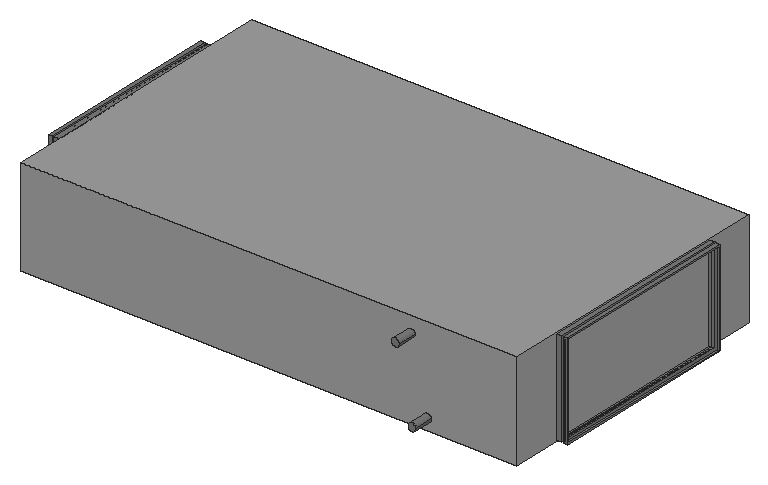
Revit family "BIMLIB_ПриточнаяУстановка_Eco-Slim1100-W_SHUFT", category Оборудование, Revit 2017
Family settings
  Размер круглого соединителя = Использовать диаметр
  Тип детали = Нормальный
  На основе рабочей плоскости = Нет
  Всегда вертикально = Да
  При загрузке вырезать с полостями = Нет
  Общий = Нет
  Точка расчета площади = Нет
Parameters (values of type "Eco-Slim 1100-W 17,0 кВт")
  Повернуть УГО [instance] = yes
  Описание = "Приточная установка ECO-SLIM выпускается в двух модификациях: или с водным нагреваем (модель 1100) или с электрическим нагревателем. В обеих модификациях воздушный клапан размещен снаружи корпуса, что улучшает его ремонтопригодность и позволяет выносить клапан с приводом к месту забора наружного воздуха. Установка обладает компактными габаритами и низким уровнем шума, что значительно упрощает выбор его размещения в квартире"  # constant formula
  Изготовитель = "ООО «Завод ВКО» марка SHUFT"  # constant formula
  Диаметр_патрубков = 20 mm
  Высота коннекторов = ADSK_Размер_Высота / 2  # 127.5 mm
  Watermark [instance] = "Модели защищены уникальным кодом"
  W3 = 500 mm  # constant formula
  URL = "http://www.shuft.ru/"
  SH_Мощность вентилятора = 290 W
  L2 = 1300 mm  # constant formula
  H1 = 250 mm  # constant formula
  D = 160 mm
  BL_Разработано = "support@bimlib.pro"  # constant formula
  BL_Email = "bimmodels@rusklimat.ru"  # constant formula
  BL_BIM library = "https://bimlib.pro/manufacturer/company/23829"
  ADSK_Частота вращения вентилятора = 2250  # constant formula
  ADSK_Ток = 1.25 A
  ADSK_Тип воздушного фильтра = "G4"  # constant formula
  ADSK_Расход теплоносителя [instance] = 0.0 L/s
  ADSK_Расход воздуха приточный [instance] = 0.0 L/s
  ADSK_Размер_Ширина = 760 mm  # constant formula
  ADSK_Размер_Длина = 1370 mm  # constant formula
  ADSK_Размер_Высота = 255 mm  # constant formula
  ADSK_Примечание [instance] = ""
  ADSK_Полная мощность = ADSK_Номинальная мощность / ADSK_Коэффициент мощности  # 17000 VA
  ADSK_Позиция = ""
  ADSK_Обозначение = ""
  ADSK_Номинальная мощность = 17000 W
  ADSK_Напряжение = 230 V
  ADSK_Наименование = "Приточная вентиляционная установка Eco-Slim 1100-W 17,0 кВт"
  ADSK_Материал = BIMLIB_Сталь_SHUFT
  ADSK_Масса_Текст = "74"
  ADSK_Масса = 74
  ADSK_Марка = ADSK_Код изделия  # "Eco-Slim 1100-W 17,0 кВт"
  ADSK_Коэффициент мощности = 1
  ADSK_Количество фаз = 1
  ADSK_Код изделия = "Eco-Slim 1100-W 17,0 кВт"
  ADSK_Классификация нагрузок = Прочее
  ADSK_Завод-изготовитель = Изготовитель  # "ООО «Завод ВКО» марка SHUFT"
  ADSK_Единица измерения = "шт."  # constant formula
  ADSK_Версия семейства = "v.1"  # constant formula
  ADSK_Версия Revit = "2017"  # constant formula
  ADSK_URL страницы изделия = "http://www.shuft.ru/catalog/2/205/3032/1008508822/"
  ADSK_URL документации изделия = "http://www.shuft.ru/upload/downloads/passport-ECO-Slim.pdf"
Reference planes
  plane 1 "По центру (Вперед/Назад)": y = 0
  plane 2: z = 0
  plane 3 "По центру (Влево/Вправо)": x = 0
  plane 4: x = 685
  plane 5: x = -685
  plane 6 "Перед": y = -380
  plane 7 "Зад": y = 380
  plane 8: z = 255
  plane 9 "Лево корпус": x = -650
  plane 10 "Право корпус": x = 650
  plane 11: z = 127.5
  plane 12: z = 230
  plane 13: y = -430
Forms (mm)
  Extrusion 1, solid, material "BIMLIB_Сталь_SHUFT" <- "ADSK_Материал", detail levels medium+fine
    sketch origin (0, 0, 0) x (1, 0, 0) y (0, 1, 0)
      loop
        line (-650, 380) -> (-650, -380) -> (650, -380) -> (650, 380) -> (-650, 380)
    from 0 to 255 <- "ADSK_Размер_Высота"
  Sweep 2, solid, material "BIMLIB_Сталь_Патрубки_SHUFT", detail levels medium+fine
    path origin (650, 0, 0) x (0, 1, 0) y (0, 0, 1)
      loop
        line (-250, 252.5) -> (-250, 2.5) -> (250, 2.5) -> (250, 252.5) -> (-250, 252.5)
    profile origin (650, 0, 252.5) x (0, 0, -1) y (-1, 0, 0)
      loop
        line (2, -30) -> (2, -22) -> (7, -22) -> (7, -13) -> (2, -13) -> (2, 0) -> (0, 0) -> (0, -15) -> (5, -15) -> (5, -20) -> (0, -20) -> (0, -30) -> (2, -30)
  Sweep 3, solid, material "BIMLIB_Сталь_Патрубки_SHUFT", detail levels medium+fine
    path origin (-650, 0, 0) x (0, 1, 0) y (0, 0, 1)
      loop
        line (-250, 252.5) -> (-250, 2.5) -> (250, 2.5) -> (250, 252.5) -> (-250, 252.5)
    profile origin (-650, 0, 252.5) x (0, 0, 1) y (1, 0, 0)
      loop
        line (-2, -30) -> (0, -30) -> (0, -20) -> (-5, -20) -> (-5, -15) -> (0, -15) -> (0, 0) -> (-2, 0) -> (-2, -13) -> (-7, -13) -> (-7, -22) -> (-2, -22) -> (-2, -30)
  Extrusion 4, solid, material "BIMLIB_Сталь_Патрубки_SHUFT", detail levels medium+fine
    sketch origin (0, 0, -56.25) x (1, 0, 0) y (0, 0, 1)
      loop
        circle (417, 86.25) r 10
      loop
        circle (374, 270.25) r 10
    from 380 to 430
Lines and regions (mm)
  model lines, detail levels fine
    curve 1: line (-650, 380, 230) -> (650, 380, 230)
    curve 2: line (-650, -380, 230) -> (650, -380, 230)
    curve 3: line (-650, -380, 230) -> (-650, 380, 230)
    curve 4: line (650, -380, 230) -> (650, 380, 230)
Dimensions and locks
  equal spacing: plane 6 "Перед", plane 1 "По центру (Вперед/Назад)", plane 7 "Зад"
  equal spacing: plane 5, plane 3 "По центру (Влево/Вправо)", plane 4
  "ADSK_Размер_Длина": plane 5 to plane 4
  "ADSK_Размер_Высота": plane 8 to level
  "ADSK_Размер_Ширина": plane 6 "Перед" to plane 7 "Зад"
  "Высота коннекторов": plane 11 to level
  locked: plane 8 to plane 12 at 25
  equal spacing: plane 9 "Лево корпус", plane 3 "По центру (Влево/Вправо)", plane 10 "Право корпус"
  "L2": plane 9 "Лево корпус" to plane 10 "Право корпус"
  equal spacing: Sweep 2 sketch curve, plane 1 "По центру (Вперед/Назад)", Sweep 2 sketch curve
  equal spacing: Sweep 2 sketch curve, plane 11, Sweep 2 sketch curve
  "H1": Sweep 2 sketch curve to Sweep 2 sketch curve
  "W3": Sweep 2 sketch curve to Sweep 2 sketch curve
  Sweep 3 sketch curve to Sweep 3 sketch curve = 500 mm
  Sweep 3 sketch curve to Sweep 3 sketch curve = 250 mm
  "H1": Sweep 3 sketch curve to Sweep 3 sketch curve
  "W3": Sweep 3 sketch curve to Sweep 3 sketch curve
  locked: plane 6 "Перед" to plane 13 at 50
  "Диаметр_патрубков": diameter of Extrusion 4 sketch curve  (x2)
  aligned and locked: level to plane 2
  aligned and locked: Extrusion 1 sketch curve to plane 9 "Лево корпус"
  aligned and locked: Extrusion 1 sketch curve to plane 7 "Зад"
  aligned and locked: Extrusion 1 sketch curve to plane 10 "Право корпус"
  aligned and locked: Extrusion 1 sketch curve to plane 6 "Перед"
  aligned and locked: plane 1 "По центру (Вперед/Назад)" to nested 1
  aligned and locked: plane 3 "По центру (Влево/Вправо)" to nested 1
  aligned and locked: plane 6 "Перед" to Extrusion 4
  aligned and locked: Extrusion 4 to plane 13
Automatic sketch dimensions
  curve 1 to plane 9 "Лево корпус" = 0 mm
  plane 10 "Право корпус" to curve 1 = 0 mm
  curve 1 to plane 12 = 0 mm
  plane 10 "Право корпус" to curve 2 = 0 mm
  curve 2 to plane 9 "Лево корпус" = 0 mm
  curve 2 to plane 12 = 0 mm
  curve 3 to plane 6 "Перед" = 0 mm
  curve 3 to plane 7 "Зад" = 0 mm
  curve 3 to plane 12 = 0 mm
  curve 4 to plane 6 "Перед" = 0 mm
  curve 4 to plane 7 "Зад" = 0 mm
  curve 4 to plane 12 = 0 mm
  plane 10 "Право корпус" to Sweep 2 sketch curve = 0 mm
  Sweep 2 sketch curve to profile plane = 0 mm  (x2)
  Sweep 2 sketch curve to profile plane = 2 mm  (x2)
  Sweep 2 sketch curve to Sweep 2 sketch curve = 3 mm
  Sweep 2 sketch curve to Sweep 2 sketch curve = 2 mm  (x3)
  Sweep 2 sketch curve to plane 10 "Право корпус" = 13 mm
  Sweep 2 sketch curve to Sweep 2 sketch curve = 5 mm
  Sweep 2 sketch curve to Sweep 2 sketch curve = 8 mm
  Sweep 3 sketch curve to profile plane = 0 mm  (x3)
  profile plane to Sweep 3 sketch curve = 2 mm  (x2)
  Sweep 3 sketch curve to Sweep 3 sketch curve = 3 mm
  Sweep 3 sketch curve to Sweep 3 sketch curve = 2 mm  (x3)
  Sweep 3 sketch curve to profile plane = 13 mm
  Sweep 3 sketch curve to Sweep 3 sketch curve = 5 mm
  Sweep 3 sketch curve to Sweep 3 sketch curve = 8 mm
  level to Sweep 3 sketch curve = 2.5 mm
  plane 6 "Перед" to Sweep 3 sketch curve = 130 mm
  Extrusion 4 sketch curve to plane 12 = 16 mm
  plane 10 "Право корпус" to Extrusion 4 sketch curve = 276 mm
  level to Extrusion 4 sketch curve = 30 mm
  Extrusion 4 sketch curve to Extrusion 4 sketch curve = 43 mm
Nested families
  nested 1: "BIMLIB_УГО_SHUFT" at (0, 0, 0), Высота УГО 3д План <- "Высота коннекторов", Высота <- "ADSK_Размер_Высота", Длина <- "ADSK_Размер_Длина", Ширина <- "ADSK_Размер_Ширина", УГО сверху <- "Повернуть УГО", type "BIMLIB_УГО_SHUFT", detail levels coarse
    with Ширина/4 190 mm, Ширина 760 mm, УГО спереди no, УГО сверху yes, Длина 1370 mm, Высота/4 63.75 mm, Высота УГО 3д План 127.5 mm, Высота 255 mm
Connectors
  electrical at (0, 0, 255), driven by "ADSK_Количество фаз", driven by "ADSK_Классификация нагрузок", driven by "ADSK_Напряжение", driven by "ADSK_Полная мощность", driven by "ADSK_Коэффициент мощности"
    settings: on Extrusion 1, index 3, voltage 230 V, apparent load 17000 VA, apparent load phase1 0 VA, apparent load phase2 0 VA, apparent load phase3 0 VA, power factor 1, load classification "Прочее", number of poles 1, system type 30, power factor state 1, is connector primary yes, connector utility no, sub classification motor no, connector description "Электрический соединитель"
  hvac at (-680, 0, 127.5), driven by "H1", driven by "W3", driven by "ADSK_Расход воздуха приточный"
    settings: on Sweep 3, index 4, duct flow 0.0 L/s, flow factor 0, pres drop 0.0 Pa, loss coef 0, conn angle 0.00°, conn width 500 mm, conn height 250 mm, conn diameter 609.6 mm, duct sys type 1, conn prof type 1, flow config 0, flow direction 1, loss method 0, conn ref index 5, conn util no, is conn primary yes, conn desc "Наружный воздух"
  hvac at (680, 0, 127.5), driven by "H1", driven by "W3", driven by "ADSK_Расход воздуха приточный"
    settings: on Sweep 2, index 5, duct flow 0.0 L/s, flow factor 0, pres drop 0.0 Pa, loss coef 0, conn angle 0.00°, conn width 500 mm, conn height 250 mm, conn diameter 609.6 mm, duct sys type 1, conn prof type 1, flow config 0, flow direction 2, loss method 0, conn ref index 4, conn util no, is conn primary no, conn desc "Приточный воздух"
  piping at (374, -430, 214), diameter 20, driven by "Диаметр_патрубков", driven by "ADSK_Расход теплоносителя"
    settings: on Extrusion 4, index 6, connector inside diameter 609.6 mm, connector length 0 mm, flow factor 0, pipe flow 0.0 L/s, pressure drop 0.0 Pa, fitting loss kfactor 0, connector angle 0.00°, fixture units 0, engagement length 0 mm, angle of deflection 0.00°, flow configuration 0, flow direction 1, fitting loss method 0, system type 29, joint type 0, gender type 0, connector reference index 7, connector utility 0, adjustable connector no, is connector primary yes, connector description "Вход теплоносителя"
  piping at (417, -430, 30), diameter 20, driven by "Диаметр_патрубков", driven by "ADSK_Расход теплоносителя"
    settings: on Extrusion 4, index 7, connector inside diameter 609.6 mm, connector length 0 mm, flow factor 0, pipe flow 0.0 L/s, pressure drop 0.0 Pa, fitting loss kfactor 0, connector angle 0.00°, fixture units 0, engagement length 0 mm, angle of deflection 0.00°, flow configuration 0, flow direction 2, fitting loss method 0, system type 29, joint type 0, gender type 0, connector reference index 6, connector utility 0, adjustable connector no, is connector primary no, connector description "Выход теплоносителя"
Definition of nested family "BIMLIB_УГО_SHUFT"
  Parameters (values of type "BIMLIB_УГО_SHUFT")
    Ширина/4 [instance] = Ширина / 4  # 105 mm
    Ширина [instance] = 420 mm
    УГО спереди [instance] = not(УГО сверху)  # no
    УГО сверху [instance] = yes
    Высота/4 [instance] = Высота / 4  # 63 mm
    Длина [instance] = 810 mm
    Высота УГО 3д План [instance] = 126 mm
    Высота [instance] = 252 mm
  Reference planes
    plane 1 "По центру (Вперед/Назад)": y = 0
    plane 2: z = 0
    plane 3 "По центру (Влево/Вправо)": x = 0
    plane 4: x = -405
    plane 5: x = 405
    plane 6: y = 210
    plane 7: y = -210
    plane 8: z = 126
    plane 9 "УГО 3Д": z = 252
    plane 10: x = -270
    plane 11: x = -135
    plane 12: z = 189
    plane 13: z = 63
    plane 14: x = 63
    plane 15: x = 105
    plane 16: y = 105
    plane 17: y = -105
    plane 18 "УГО": z = 126
  Lines and regions (mm)
    model lines, visible <- "УГО спереди", detail levels coarse
      curve 1: line (-405, 0, 252) -> (-405, 0, 0)
      curve 2: line (-405, 0, 0) -> (405, 0, 0)
      curve 3: line (405, 0, 0) -> (405, 0, 252)
      curve 4: line (405, 0, 252) -> (-405, 0, 252)
      curve 5: line (-270, 0, 252) -> (-270, 0, 0)
      curve 6: line (-135, 0, 252) -> (-135, 0, 0)
      curve 7: line (0, 0, 189) -> (0, 0, 63)
      curve 8: line (0, 0, 63) -> (63, 0, 126)
      curve 9: line (63, 0, 126) -> (0, 0, 189)
    model lines, visible <- "УГО сверху", detail levels coarse
      curve 10: line (-405, 210, 126) -> (-405, -210, 126)
      curve 11: line (-405, -210, 126) -> (405, -210, 126)
      curve 12: line (405, -210, 126) -> (405, 210, 126)
      curve 13: line (405, 210, 126) -> (-405, 210, 126)
      curve 14: line (-270, 210, 126) -> (-270, -210, 126)
      curve 15: line (-135, 210, 126) -> (-135, -210, 126)
      curve 16: line (0, 105, 126) -> (105, 0, 126)
      curve 17: line (105, 0, 126) -> (0, -105, 126)
      curve 18: line (0, -105, 126) -> (0, 105, 126)
    symbolic lines, detail levels coarse
      curve 19: line (-405, 0, 252) -> (-405, 0, 0)
      curve 20: line (-405, 0, 0) -> (405, 0, 0)
      curve 21: line (405, 0, 0) -> (405, 0, 252)
      curve 22: line (405, 0, 252) -> (-405, 0, 252)
      curve 23: line (-270, 0, 252) -> (-270, 0, 0)
      curve 24: line (-135, 0, 0) -> (-135, 0, 252)
      curve 25: line (0, 0, 189) -> (63, 0, 126)
      curve 26: line (63, 0, 126) -> (0, 0, 63)
      curve 27: line (0, 0, 63) -> (0, 0, 189)
      curve 28: line (-405, 210, 0) -> (-405, -210, 0)
      curve 29: line (-405, -210, 0) -> (405, -210, 0)
      curve 30: line (405, -210, 0) -> (405, 210, 0)
      curve 31: line (405, 210, 0) -> (-405, 210, 0)
      curve 32: line (-270, 210, 0) -> (-270, -210, 0)
      curve 33: line (-135, -210, 0) -> (-135, 210, 0)
      curve 34: line (0, 105, 0) -> (105, 0, 0)
      curve 35: line (105, 0, 0) -> (0, -105, 0)
      curve 36: line (0, -105, 0) -> (0, 105, 0)
  Dimensions and locks
    equal spacing: plane 4, plane 3 "По центру (Влево/Вправо)", plane 5
    "Длина": plane 4 to plane 5
    "Ширина": plane 7 to plane 6
    equal spacing: plane 4, plane 10, plane 11, plane 3 "По центру (Влево/Вправо)"
    "Высота": plane 9 "УГО 3Д" to level
    equal spacing: plane 9 "УГО 3Д", plane 12, plane 8, plane 13, level
    "Высота/4": plane 14 to plane 3 "По центру (Влево/Вправо)"
    equal spacing: plane 6, plane 16, plane 1 "По центру (Вперед/Назад)", plane 17, plane 7
    "Ширина/4": plane 15 to plane 3 "По центру (Влево/Вправо)"
    "Ширина/4": plane 3 "По центру (Влево/Вправо)" to plane 15
    "Высота УГО 3д План": plane 18 "УГО" to level
    aligned and locked: level to plane 2
  Automatic sketch dimensions
    curve 12 to plane 5 = 0 mm
    plane 1 "По центру (Вперед/Назад)" to curve 16 = 0 mm
    curve 16 to plane 15 = 0 mm
    curve 18 to plane 3 "По центру (Влево/Вправо)" = 0 mm
    curve 15 to plane 11 = 0 mm
    curve 14 to plane 10 = 0 mm
    curve 11 to plane 4 = 0 mm
    curve 13 to plane 6 = 0 mm
    curve 18 to plane 16 = 0 mm
    plane 7 to curve 12 = 0 mm
    curve 1 to plane 4 = 0 mm
    curve 5 to plane 9 "УГО 3Д" = 0 mm
    curve 5 to plane 10 = 0 mm
    curve 23 to level = 0 mm
    curve 23 to plane 10 = 0 mm
    curve 6 to plane 11 = 0 mm
    curve 24 to plane 11 = 0 mm
    curve 9 to plane 3 "По центру (Влево/Вправо)" = 0 mm
    curve 8 to plane 8 = 0 mm
    curve 8 to plane 14 = 0 mm
    curve 20 to plane 5 = 0 mm
    curve 27 to plane 12 = 0 mm
    curve 28 to plane 4 = 0 mm
    curve 32 to plane 6 = 0 mm
    curve 32 to plane 10 = 0 mm
    plane 7 to curve 33 = 0 mm
    curve 33 to plane 11 = 0 mm
    curve 34 to plane 3 "По центру (Влево/Вправо)" = 0 mm
    plane 1 "По центру (Вперед/Назад)" to curve 34 = 0 mm
    curve 30 to plane 5 = 0 mm
    curve 36 to plane 17 = 0 mm
    curve 36 to plane 16 = 0 mm
